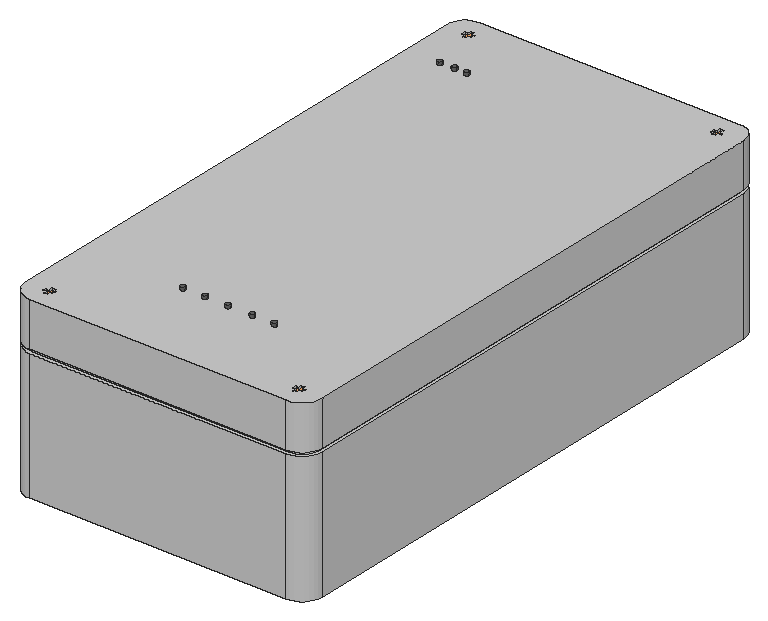
Revit family "DLCPCC", category Communication Devices, host Face, Revit 2021
Family settings
  Host = Face
  Maintain Annotation Orientation = No
  Round Connector Dimension = Use Diameter
  Part Type = Normal
  OmniClass Number = 23.85.80.11.27
  OmniClass Title = Lighting Controls
  Cut with Voids When Loaded = No
  Shared = Yes
  Room Calculation Point = No
Parameters
  Warranty = "5-Years Warranty"  # constant formula
  Type Comments = "Photocell Controller"  # constant formula
  Product Page URL = ""
  Product Documentation Link = ""
  URL = "https://www.currentlighting.com/nxlightingcontrols"
  Model = "DLCPCC"  # constant formula
  Manufacturer = " NX Lighting Controls"  # constant formula
  Width = 2.00"
  Features = "Adjustable on/off set points\r\n• Dual power unit input: 24VAC or 24VDC\r\n• Flexible control options\r\n• Input time delay\r\n• Two set points available for separate on and off levels\r\n• Five-year limited warranty\r\n• Low voltage device: 24 Vdc"  # constant formula
  Certifications = "ETL/UL 916"
  Metal = Gold
  Height = 4.50"
  Gray = Paint -  Gray Smooth
  Description = " Controls' DLCPCC is the ideal system for providing indoor, outdoor,\r\nor skylight control of lighting circuits based on daylight. The DLCPCC lighting\r\ncontroller automatically switches a dry contact in response to changes in natural\r\nlight levels. The DLCPCC provides a maintained single pole, double throw “Form\r\nC” relay output to drive electrically-held contactors or relays, or inputs to Building\r\nAutomation Systems. The low voltage controller requires a remotely mounted\r\nphotoconductive (PC) sensor (sold separately). "  # constant formula
  Default Elevation = 48.00"
  Copyright = "Copyright ©  NX Lighting Controls"  # constant formula
  Contact Us = ""
  Black = Paint - Carbon Black
  Assembly Code = "D5090"
Reference planes (in)
  plane 1 "Center (Front/Back)": y = 13.01342
  plane 2: z = 0
  plane 3 "Center (Left/Right)": x = 0
  plane 4: z = 1.23
  plane 5: y = 15.39342
  plane 6: y = 10.63342
  plane 7: x = -1.25
  plane 8: x = 1.25
Forms (in)
  Extrusion 1, solid, material "Paint -  Gray Smooth" <- "Gray"
    sketch origin (0, 0, 0) x (1, 0, 0) y (0, 1, 0)
      loop
        arc (-1.09689, 15.39342) -> (-1.20516, 15.34858) -> (-1.25, 15.24031) r 0.15311
        line (-1.25, 15.24031) -> (-1.25, 10.80132)
        arc (-1.25, 10.80132) -> (-1.20082, 10.6826) -> (-1.0821, 10.63342) r 0.1679
        line (-1.0821, 10.63342) -> (1.07856, 10.63342)
        arc (1.07856, 10.63342) -> (1.19979, 10.68363) -> (1.25, 10.80486) r 0.17144
        line (1.25, 10.80486) -> (1.25, 15.24347)
        arc (1.25, 15.24347) -> (1.20608, 15.3495) -> (1.10005, 15.39342) r 0.14995
        line (1.10005, 15.39342) -> (-1.09689, 15.39342)
    from 0 to 1.5
  Extrusion 2, solid, material "Gold" <- "Metal"
    sketch origin (0, 0, 0) x (1, 0, 0) y (0, 1, 0)
      loop
        circle (1.05157, 15.22238) r 0.05
      loop
        circle (-1.05157, 15.22238) r 0.05
      loop
        circle (1.05157, 10.80446) r 0.05
      loop
        circle (-1.05157, 10.80446) r 0.05
    from 1.45 to 1.49
  Extrusion 3, void
    sketch origin (0, 0, 0) x (1, 0, 0) y (0, 1, 0)
      loop
        line (-1.06742, 15.2634) -> (-1.06742, 15.17835) -> (-1.03642, 15.17835) -> (-1.03642, 15.2634) -> (-1.06742, 15.2634)
    from 1.47 to 1.5
  Extrusion 4, void
    sketch origin (0, 13.01342, 0) x (-1, 0, 0) y (0, -1, 0)
      loop
        line (1.09444, -2.22295) -> (1.09444, -2.19195) -> (1.0094, -2.19195) -> (1.0094, -2.22295) -> (1.09444, -2.22295)
    from 1.47 to 1.5
  Extrusion 5, void
    sketch origin (0, 0, 0) x (-1, 0, 0) y (0, -1, 0)
      loop
        line (-1.06742, -15.2634) -> (-1.03642, -15.2634) -> (-1.03642, -15.17835) -> (-1.06742, -15.17835) -> (-1.06742, -15.2634)
    from 1.47 to 1.5
  Extrusion 6, void
    sketch origin (0, 13.01342, 0) x (-1, 0, 0) y (0, -1, 0)
      loop
        line (-1.09444, -2.22295) -> (-1.0094, -2.22295) -> (-1.0094, -2.19195) -> (-1.09444, -2.19195) -> (-1.09444, -2.22295)
    from 1.47 to 1.5
  Extrusion 7, void
    sketch origin (0, 26.02684, 0) x (-1, 0, 0) y (0, -1, 0)
      loop
        line (-1.06742, 15.2634) -> (-1.06742, 15.17835) -> (-1.03642, 15.17835) -> (-1.03642, 15.2634) -> (-1.06742, 15.2634)
    from 1.47 to 1.5
  Extrusion 8, void
    sketch origin (0, 13.01342, 0) x (1, 0, 0) y (0, 1, 0)
      loop
        line (1.09444, -2.22295) -> (1.09444, -2.19195) -> (1.0094, -2.19195) -> (1.0094, -2.22295) -> (1.09444, -2.22295)
    from 1.47 to 1.5
  Extrusion 9, void
    sketch origin (0, 26.02684, 0) x (1, 0, 0) y (0, 1, 0)
      loop
        line (-1.06742, -15.2634) -> (-1.03642, -15.2634) -> (-1.03642, -15.17835) -> (-1.06742, -15.17835) -> (-1.06742, -15.2634)
    from 1.47 to 1.5
  Extrusion 10, void
    sketch origin (0, 13.01342, 0) x (1, 0, 0) y (0, 1, 0)
      loop
        line (-1.09444, -2.22295) -> (-1.0094, -2.22295) -> (-1.0094, -2.19195) -> (-1.09444, -2.19195) -> (-1.09444, -2.22295)
    from 1.47 to 1.5
  Sweep 11, void
    path in 3D
      loop
        arc (-1.25, 10.80132, 1.5) -> (-1.20082, 10.6826, 1.5) -> (-1.0821, 10.63342, 1.5) r 0.1679
        line (-1.0821, 10.63342, 1.5) -> (1.07856, 10.63342, 1.5)
        arc (1.07856, 10.63342, 1.5) -> (1.19979, 10.68363, 1.5) -> (1.25, 10.80486, 1.5) r 0.17144
        line (1.25, 10.80486, 1.5) -> (1.25, 15.24347, 1.5)
        arc (1.25, 15.24347, 1.5) -> (1.20608, 15.3495, 1.5) -> (1.10005, 15.39342, 1.5) r 0.14995
        line (1.10005, 15.39342, 1.5) -> (-1.09689, 15.39342, 1.5)
        arc (-1.09689, 15.39342, 1.5) -> (-1.20516, 15.34858, 1.5) -> (-1.25, 15.24031, 1.5) r 0.15311
        line (-1.25, 15.24031, 1.5) -> (-1.25, 10.80132, 1.5)
    profile origin (-1.25, 13.02082, 1.5) x (1, 0, 0) y (0, 0, 1)
      loop
        line (0, -0.37394) -> (0, -0.40494) -> (0.031, -0.40494) -> (0.031, -0.37394) -> (0, -0.37394)
  Extrusion 12, solid, material "Paint - Carbon Black" <- "Black"
    sketch origin (0, 13.01342, 0) x (-1, 0, 0) y (0, -1, 0)
      loop
        circle (0.38598, 1.63694) r 0.02
      loop
        circle (0.20031, 1.63694) r 0.02
      loop
        circle (0.00349, 1.63694) r 0.02
      loop
        circle (0.95743, -1.78658) r 0.02
      loop
        circle (0.83425, -1.78658) r 0.02
      loop
        circle (0.73118, -1.78658) r 0.02
      loop
        circle (-0.38598, 1.63694) r 0.02
      loop
        circle (-0.20031, 1.63694) r 0.02
    from 1.47 to 1.52
Cuts and joins
  Extrusion 3, Extrusion 4, Extrusion 5, Extrusion 6, Extrusion 7, Extrusion 8, Extrusion 9, Extrusion 10, Sweep 11 cuts Extrusion 1
Lines and regions (in)
  sketch lines
    curve 1: line (-1.25, 15.24031, 1.5) -> (-1.25, 10.80132, 1.5)
    curve 2: arc (-1.0821, 10.63342, 1.5) -> (-1.20082, 10.6826, 1.5) -> (-1.25, 10.80132, 1.5) r 0.1679
    curve 3: line (-1.0821, 10.63342, 1.5) -> (1.07856, 10.63342, 1.5)
    curve 4: line (1.25, 10.80486, 1.5) -> (1.25, 15.24347, 1.5)
    curve 5: arc (1.25, 10.80486, 1.5) -> (1.19979, 10.68363, 1.5) -> (1.07856, 10.63342, 1.5) r 0.17144
    curve 6: line (1.10005, 15.39342, 1.5) -> (-1.09689, 15.39342, 1.5)
    curve 7: arc (1.10005, 15.39342, 1.5) -> (1.20608, 15.3495, 1.5) -> (1.25, 15.24347, 1.5) r 0.14995
    curve 8: arc (-1.25, 15.24031, 1.5) -> (-1.20516, 15.34858, 1.5) -> (-1.09689, 15.39342, 1.5) r 0.15311
Dimensions and locks (in)
  aligned and locked: plane 2 to host face
  aligned and locked: level to host face
Connectors (in)
  electrical at (-0.00005, 13.01796, 1.5)
    settings: on cut or joined group of Extrusion 1, Extrusion 3, Extrusion 4, Extrusion 5, Extrusion 6, Extrusion 7, Extrusion 8, Extrusion 9, Extrusion 10, Sweep 11, index 1, voltage 0 V, apparent load 0 VA, apparent load phase1 0 VA, apparent load phase2 0 VA, apparent load phase3 0 VA, power factor 1, load classification "Other", number of poles 1, system type 14, power factor state 1, is connector primary yes, connector utility no, sub classification motor no, connector description "Photocell Controller"
